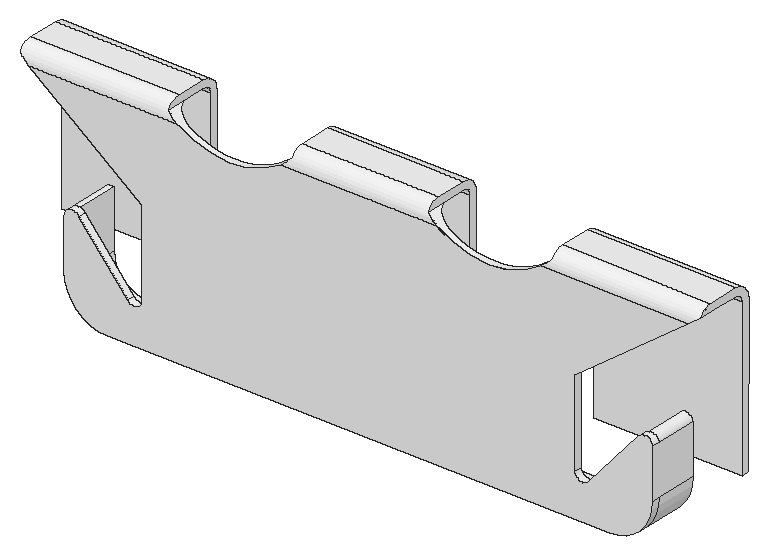
Revit family "特殊10mmWクリップ", category 機械設備, Revit 2020
Family settings
  丸型コネクタ寸法 = 直径を使用
  種別 = なし
  パーツ タイプ = 標準
  作業面ベース = いいえ
  常に垂直 = はい
  ロード時にボイドで切り取り = いいえ
  共有 = いいえ
  部屋計算ポイント = いいえ
Parameters
  製造元 = "株式会社桐井製作所"
  既定の高さ = 0 mm
  URL = "https://www.kirii.co.jp/"
  K_品名 = "特殊10mmWクリップ"
  K_名称 = "特殊クリップ"
  K_入数 = "1000"
  K_バージョン情報 = "20211012"
Reference planes
  plane 1 "中心(正面/背面)": y = 0
  plane 2: z = 0
  plane 3 "中心(左/右)": x = 0
Forms (mm)
  Extrusion 1, solid
    sketch origin (0, 30, 0) x (0, 1, 0) y (0, 0, 1)
      loop
        line (-30, 0) -> (-29.4, -0.6) -> (-29.4, 16.75)
        arc (-29.4, 16.75) -> (-29.034, 17.634) -> (-28.15, 18) r 1.25
        line (-28.15, 18) -> (-26.25, 18)
        arc (-26.25, 18) -> (-25.79, 17.81) -> (-25.6, 17.35) r 0.65
        line (-25.6, 17.35) -> (-25.6, 4.129) -> (-25, 4.729) -> (-25, 17.35)
        arc (-25, 17.35) -> (-25.366, 18.234) -> (-26.25, 18.6) r 1.25
        line (-26.25, 18.6) -> (-28.75, 18.6)
        arc (-28.75, 18.6) -> (-29.634, 18.234) -> (-30, 17.35) r 1.25
        line (-30, 17.35) -> (-30, 0)
    from -27.5 to 27.5
  Extrusion 2, void
    sketch origin (0, 0, 0) x (1, 0, 0) y (0, 0, 1)
      loop
        line (-17.5, 10.5) -> (-27.5, 18) -> (-27.5, 0) -> (-20.3, 0)
        arc (-20.3, 0) -> (-22.775, 1.025) -> (-23.8, 3.5) r 3.5
        line (-23.8, 3.5) -> (-23.8, 7.5)
        arc (-23.8, 7.5) -> (-23.348, 8.097) -> (-22.65, 7.826) r 0.621
        line (-22.65, 7.826) -> (-18.65, 3.174)
        arc (-18.65, 3.174) -> (-17.952, 2.903) -> (-17.5, 3.5) r 0.621
        line (-17.5, 3.5) -> (-17.5, 10.5)
      loop
        line (17.5, 10.5) -> (17.5, 3.5)
        arc (17.5, 3.5) -> (17.952, 2.903) -> (18.65, 3.174) r 0.621
        line (18.65, 3.174) -> (22.65, 7.826)
        arc (22.65, 7.826) -> (23.329, 8.03) -> (23.8, 7.5) r 0.659
        line (23.8, 7.5) -> (23.8, 3.5)
        arc (23.8, 3.5) -> (22.775, 1.025) -> (20.3, 0) r 3.5
        line (20.3, 0) -> (27.5, 0) -> (27.5, 18.036) -> (17.5, 10.5)
    from -1.85 to 0.213
  Extrusion 3, void
    sketch origin (0, -0.6, -0.8) x (0, 1, 0) y (0, 0, 1)
      loop
        line (0.387, 0.8) -> (0.387, -0.064) -> (1.428, -0.064) -> (1.428, 0.8) -> (0.387, 0.8)
    from -27.5 to 27.5
  Extrusion 4, solid
    sketch origin (0, 0, 0) x (1, 0, 0) y (0, 0, 1)
      loop
        arc (-23.8, 3.5) -> (-22.775, 1.025) -> (-20.3, 0) r 3.5
        line (-20.3, 0) -> (20.3, 0)
        arc (20.3, 0) -> (22.775, 1.025) -> (23.8, 3.5) r 3.5
        line (23.8, 3.5) -> (23.8, 7.5)
        arc (23.8, 7.5) -> (23.517, 7.943) -> (23, 8.038) r 0.659
        line (23, 8.038) -> (23, 3.5)
        arc (23, 3.5) -> (22.209, 1.591) -> (20.3, 0.8) r 2.7
        line (20.3, 0.8) -> (-20.3, 0.8)
        arc (-20.3, 0.8) -> (-22.209, 1.591) -> (-23, 3.5) r 2.7
        line (-23, 3.5) -> (-23, 8.095)
        arc (-23, 8.095) -> (-23.549, 7.998) -> (-23.8, 7.5) r 0.621
        line (-23.8, 7.5) -> (-23.8, 3.5)
    from -4 to -0.6
  Extrusion 5, void
    sketch origin (0, -11.6, -15.017) x (0, 1, 0) y (0, 0, 1)
      loop
        line (15.7, 19.745) -> (15.7, 18.89) -> (16.88, 18.89) -> (16.88, 19.745) -> (15.7, 19.745)
    from -27.5 to 27.5
  Extrusion 6, void
    sketch origin (-10.419, 0, -0.611) x (1, 0, 0) y (0, 0, 1)
      loop
        arc (-5.081, 18.609) -> (-0.081, 16.609) -> (4.919, 18.609) r 7.25
        line (4.919, 18.609) -> (4.919, 19.969) -> (-5.081, 19.969) -> (-5.081, 18.609)
    from -3.583 to 0.213
  Extrusion 7, void
    sketch origin (-10.5, 0, 0) x (1, 0, 0) y (0, 0, 1)
      loop
        line (-5, 19.358) -> (-5, 4.729) -> (5, 4.729) -> (5, 19.358) -> (-5, 19.358)
    from -3.583 to -5.28
  Extrusion 8, void
    sketch origin (10.581, 0, -0.767) x (1, 0, 0) y (0, 0, 1)
      loop
        arc (-5.081, 18.767) -> (-0.081, 16.767) -> (4.919, 18.767) r 7.25
        line (4.919, 18.767) -> (4.919, 19.969) -> (-5.081, 19.969) -> (-5.081, 18.767)
    from -3.583 to 0.213
  Extrusion 9, void
    sketch origin (10.5, 0, 0) x (1, 0, 0) y (0, 0, 1)
      loop
        line (-5, 19.358) -> (-5, 4.729) -> (5, 4.729) -> (5, 19.358) -> (-5, 19.358)
    from -3.583 to -5.28
Cuts and joins
  Extrusion 2, Extrusion 3, Extrusion 5, Extrusion 6, Extrusion 7, Extrusion 8, Extrusion 9 cuts Extrusion 1
  Extrusion 6, Extrusion 7, Extrusion 8, Extrusion 9 cuts Extrusion 4
  joined: Extrusion 1, Extrusion 4
Dimensions and locks
  aligned and locked: level to plane 2
